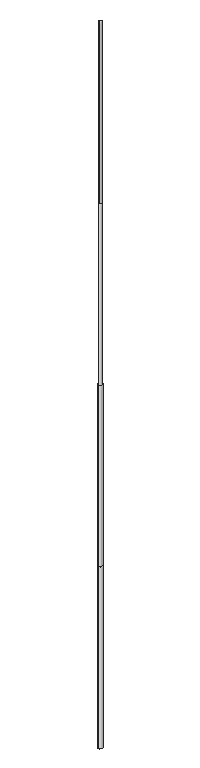
Revit family "FA_МолниеотводСекционныйТяжелаяСерия_EZETEK", category Системы пожарной сигнализации, Revit 2017
Family settings
  Сохранять ориентацию аннотаций = Нет
  Размер круглого соединителя = Использовать радиус
  Тип детали = Нормальный
  На основе рабочей плоскости = Нет
  Всегда вертикально = Да
  При загрузке вырезать с полостями = Нет
  Общий = Да
  Точка расчета площади = Нет
Parameters (values of type "МолниеотводСекционный_СМСП-25/4_92135")
  Угол = 90.00°  # constant formula
  Секция_Высота = ADSK_Размер_Высота / Количество секций  # 6250 mm
  Секция 4 = yes
  Секция 3 = yes
  Секция 2 = yes
  Производитель_Контакты = "ezetek@ezetek.ru"  # constant formula
  Описание = "Молниеотвод стержневой секционный серии СМСП выполнен из алюминиевого сплава и состоит из сборных секций, которые стыкуются между собой. На верхней секции расположен молниеприемник 0,5м. В комплект поставки включены закладные детали для установки молниеотвода на бетонный фундамент.\r\nМолниеотвод возможно установить одним из следующих способов: при помощи бетонного фундамента; при помощи винтовой сваи (до 12 м); на основание под утяжелители (от 6 до 12 м); молниеотвод на фундаменте, фланец (от 13 до 25 м)."
  Количество секций = 4
  Использовать масштаб аннотаций [instance] = 1 = 0  # 0
  Изготовитель = "Ezetek"  # constant formula
  Диаметр_4 секция = 75 mm
  Диаметр_3 секция = 107 mm
  Диаметр_2 секция = 124 mm
  Диаметр_1 секция = 140 mm
  URL = "https://ezetek.ru/"
  ADSK_Этаж [instance] = ""
  ADSK_Размер_Высота = 25000 mm
  ADSK_Примечание [instance] = ""
  ADSK_Позиция [instance] = ""
  ADSK_Обозначение = "92135"
  ADSK_Наименование краткое [instance] = "Молниеотвод"
  ADSK_Наименование = "Молниеотвод секционный СМСП-25/4"
  ADSK_Материал = BIMLIB_Алюминий_EZETEK
  ADSK_Масса_Текст = "222.8"
  ADSK_Масса = 222.8
  ADSK_Марка = "92135"
  ADSK_Количество = 1  # constant formula
  ADSK_Код изделия = "92135"
  ADSK_Завод-изготовитель = "Ezetek"  # constant formula
  ADSK_Единица измерения = "шт."  # constant formula
  ADSK_Группирование [instance] = ""
  ADSK_Версия Revit = "2017"  # constant formula
Types (23, lengths in mm): name | Секция_Высота | Секция 4 | Описание | Количество секций | Диаметр_4 секция | Диаметр_3 секция | Диаметр_2 секция | Диаметр_1 секция | ADSK_Размер_Высота | ADSK_Обозначение | ADSK_Наименование краткое | ADSK_Наименование | ADSK_Масса_Текст | ADSK_Масса | ADSK_Марка | ADSK_Код изделия
  МачтаСекционная_СМСА-16/4_92106 | 4000 | yes | "Мачта секционная для активного молниеприемника серии СМСА выполнена из алюминиевого сплава и состоит из сборных секций, которые стыкуются между собой. Верхняя секция имеет переходник для установки активного молниеприемника. В комплект поставки включены закладные детали для установки мачты на бетонный фундамент. Мачту возможно установить одним из следующих способов: при помощи бетонного фундамента; при помощи винтовой сваи (до 12 м); на основание под утяжелители (от 6 до 12 м); молниеотвод на фундаменте, фланец (от 13 до 22 м)." | 4 | 90 | 115 | 127.5 | 140 | 16000 | "92106" | "Мачта" | "Мачта секционная СМСА-16/4" | "166.4" | 166.4 | "92106" | "92106"
  МачтаСекционная_СМСА-17/4_92107 | 4250 | yes | "Мачта секционная для активного молниеприемника серии СМСА выполнена из алюминиевого сплава и состоит из сборных секций, которые стыкуются между собой. Верхняя секция имеет переходник для установки активного молниеприемника. В комплект поставки включены закладные детали для установки мачты на бетонный фундамент. Мачту возможно установить одним из следующих способов: при помощи бетонного фундамента; при помощи винтовой сваи (до 12 м); на основание под утяжелители (от 6 до 12 м); молниеотвод на фундаменте, фланец (от 13 до 22 м)." | 4 | 90 | 115 | 127.5 | 140 | 17000 | "92107" | "Мачта" | "Мачта секционная СМСА-17/4" | "169.3" | 169.3 | "92107" | "92107"
  МачтаСекционная_СМСА-18/4_92108 | 4500 | yes | "Мачта секционная для активного молниеприемника серии СМСА выполнена из алюминиевого сплава и состоит из сборных секций, которые стыкуются между собой. Верхняя секция имеет переходник для установки активного молниеприемника. В комплект поставки включены закладные детали для установки мачты на бетонный фундамент. Мачту возможно установить одним из следующих способов: при помощи бетонного фундамента; при помощи винтовой сваи (до 12 м); на основание под утяжелители (от 6 до 12 м); молниеотвод на фундаменте, фланец (от 13 до 22 м)." | 4 | 90 | 115 | 127.5 | 140 | 18000 | "92108" | "Мачта" | "Мачта секционная СМСА-18/4" | "175.7" | 175.7 | "92108" | "92108"
  МачтаСекционная_СМСА-19/4_92109 | 4750 | yes | "Мачта секционная для активного молниеприемника серии СМСА выполнена из алюминиевого сплава и состоит из сборных секций, которые стыкуются между собой. Верхняя секция имеет переходник для установки активного молниеприемника. В комплект поставки включены закладные детали для установки мачты на бетонный фундамент. Мачту возможно установить одним из следующих способов: при помощи бетонного фундамента; при помощи винтовой сваи (до 12 м); на основание под утяжелители (от 6 до 12 м); молниеотвод на фундаменте, фланец (от 13 до 22 м)." | 4 | 90 | 115 | 127.5 | 140 | 19000 | "92109" | "Мачта" | "Мачта секционная СМСА-19/4" | "212.8" | 212.8 | "92109" | "92109"
  МачтаСекционная_СМСА-13/3_92103 | 4333.333 | no | "Мачта секционная для активного молниеприемника серии СМСА выполнена из алюминиевого сплава и состоит из сборных секций, которые стыкуются между собой. Верхняя секция имеет переходник для установки активного молниеприемника. В комплект поставки включены закладные детали для установки мачты на бетонный фундамент. Мачту возможно установить одним из следующих способов: при помощи бетонного фундамента; при помощи винтовой сваи (до 12 м); на основание под утяжелители (от 6 до 12 м); молниеотвод на фундаменте, фланец (от 13 до 22 м)." | 3 | 5 | 60 | 88 | 115 | 13000 | "92103" | "Мачта" | "Мачта секционная СМСА-13/3" | "91.5" | 91.5 | "92103" | "92103"
  МачтаСекционная_СМСА-15/3_92105 | 5000 | no | "Мачта секционная для активного молниеприемника серии СМСА выполнена из алюминиевого сплава и состоит из сборных секций, которые стыкуются между собой. Верхняя секция имеет переходник для установки активного молниеприемника. В комплект поставки включены закладные детали для установки мачты на бетонный фундамент. Мачту возможно установить одним из следующих способов: при помощи бетонного фундамента; при помощи винтовой сваи (до 12 м); на основание под утяжелители (от 6 до 12 м); молниеотвод на фундаменте, фланец (от 13 до 22 м)." | 3 | 5 | 90 | 115 | 140 | 15000 | "92105" | "Мачта" | "Мачта секционная СМСА-15/3" | "106.9" | 106.9 | "92105" | "92105"
  МачтаСекционная_СМСА-14/3_92104 | 4666.667 | no | "Мачта секционная для активного молниеприемника серии СМСА выполнена из алюминиевого сплава и состоит из сборных секций, которые стыкуются между собой. Верхняя секция имеет переходник для установки активного молниеприемника. В комплект поставки включены закладные детали для установки мачты на бетонный фундамент. Мачту возможно установить одним из следующих способов: при помощи бетонного фундамента; при помощи винтовой сваи (до 12 м); на основание под утяжелители (от 6 до 12 м); молниеотвод на фундаменте, фланец (от 13 до 22 м)." | 3 | 5 | 60 | 88 | 115 | 14000 | "92104" | "Мачта" | "Мачта секционная СМСА-14/3" | "99.6" | 99.6 | "92104" | "92104"
  МолниеотводСекционный_СМСП-13.5/3_92123 | 4500 | no | "Молниеотвод стержневой секционный серии СМСП выполнен из алюминиевого сплава и состоит из сборных секций, которые стыкуются между собой. На верхней секции расположен молниеприемник 0,5м. В комплект поставки включены закладные детали для установки молниеотвода на бетонный фундамент.\r\nМолниеотвод возможно установить одним из следующих способов: при помощи бетонного фундамента; при помощи винтовой сваи (до 12 м); на основание под утяжелители (от 6 до 12 м); молниеотвод на фундаменте, фланец (от 13 до 25 м)." | 3 | 5 | 60 | 88 | 115 | 13500 | "92123" | "Молниеотвод" | "Молниеотвод секционный СМСП-13.5/3" | "91.5" | 91.5 | "92123" | "92123"
  МачтаСекционная_СМСА-20/4_92110 | 5000 | yes | "Мачта секционная для активного молниеприемника серии СМСА выполнена из алюминиевого сплава и состоит из сборных секций, которые стыкуются между собой. Верхняя секция имеет переходник для установки активного молниеприемника. В комплект поставки включены закладные детали для установки мачты на бетонный фундамент. Мачту возможно установить одним из следующих способов: при помощи бетонного фундамента; при помощи винтовой сваи (до 12 м); на основание под утяжелители (от 6 до 12 м); молниеотвод на фундаменте, фланец (от 13 до 22 м)." | 4 | 75 | 107 | 124 | 140 | 20000 | "92110" | "Мачта" | "Мачта секционная СМСА-20/4" | "215.7" | 215.7 | "92110" | "92110"
  МачтаСекционная_СМСА-21/4_92111 | 5250 | yes | "Мачта секционная для активного молниеприемника серии СМСА выполнена из алюминиевого сплава и состоит из сборных секций, которые стыкуются между собой. Верхняя секция имеет переходник для установки активного молниеприемника. В комплект поставки включены закладные детали для установки мачты на бетонный фундамент. Мачту возможно установить одним из следующих способов: при помощи бетонного фундамента; при помощи винтовой сваи (до 12 м); на основание под утяжелители (от 6 до 12 м); молниеотвод на фундаменте, фланец (от 13 до 22 м)." | 4 | 75 | 107 | 124 | 140 | 21000 | "92111" | "Мачта" | "Мачта секционная СМСА-21/4" | "218.6" | 218.6 | "92111" | "92111"
  МачтаСекционная_СМСА-22/4_92112 | 5500 | yes | "Мачта секционная для активного молниеприемника серии СМСА выполнена из алюминиевого сплава и состоит из сборных секций, которые стыкуются между собой. Верхняя секция имеет переходник для установки активного молниеприемника. В комплект поставки включены закладные детали для установки мачты на бетонный фундамент. Мачту возможно установить одним из следующих способов: при помощи бетонного фундамента; при помощи винтовой сваи (до 12 м); на основание под утяжелители (от 6 до 12 м); молниеотвод на фундаменте, фланец (от 13 до 22 м)." | 4 | 75 | 107 | 124 | 140 | 22000 | "92112" | "Мачта" | "Мачта секционная СМСА-22/4" | "221.2" | 221.2 | "92112" | "92112"
  МолниеотводСекционный_СМСП-14.5/3_92124 | 4833.333 | no | "Молниеотвод стержневой секционный серии СМСП выполнен из алюминиевого сплава и состоит из сборных секций, которые стыкуются между собой. На верхней секции расположен молниеприемник 0,5м. В комплект поставки включены закладные детали для установки молниеотвода на бетонный фундамент.\r\nМолниеотвод возможно установить одним из следующих способов: при помощи бетонного фундамента; при помощи винтовой сваи (до 12 м); на основание под утяжелители (от 6 до 12 м); молниеотвод на фундаменте, фланец (от 13 до 25 м)." | 3 | 5 | 60 | 88 | 115 | 14500 | "92124" | "Молниеотвод" | "Молниеотвод секционный СМСП-14.5/3" | "99.6" | 99.6 | "92124" | "92124"
  МолниеотводСекционный_СМСП-15.5/3_92125 | 5166.667 | no | "Молниеотвод стержневой секционный серии СМСП выполнен из алюминиевого сплава и состоит из сборных секций, которые стыкуются между собой. На верхней секции расположен молниеприемник 0,5м. В комплект поставки включены закладные детали для установки молниеотвода на бетонный фундамент.\r\nМолниеотвод возможно установить одним из следующих способов: при помощи бетонного фундамента; при помощи винтовой сваи (до 12 м); на основание под утяжелители (от 6 до 12 м); молниеотвод на фундаменте, фланец (от 13 до 25 м)." | 3 | 5 | 90 | 115 | 140 | 15500 | "92125" | "Молниеотвод" | "Молниеотвод секционный СМСП-15.5/3" | "106.9" | 106.9 | "92125" | "92125"
  МолниеотводСекционный_СМСП-16.5/4_92126 | 4125 | yes | "Молниеотвод стержневой секционный серии СМСП выполнен из алюминиевого сплава и состоит из сборных секций, которые стыкуются между собой. На верхней секции расположен молниеприемник 0,5м. В комплект поставки включены закладные детали для установки молниеотвода на бетонный фундамент.\r\nМолниеотвод возможно установить одним из следующих способов: при помощи бетонного фундамента; при помощи винтовой сваи (до 12 м); на основание под утяжелители (от 6 до 12 м); молниеотвод на фундаменте, фланец (от 13 до 25 м)." | 4 | 90 | 115 | 127.5 | 140 | 16500 | "92126" | "Молниеотвод" | "Молниеотвод секционный СМСП-16.5/4" | "166.4" | 166.4 | "92126" | "92126"
  МолниеотводСекционный_СМСП-17.5/4_92127 | 4375 | yes | "Молниеотвод стержневой секционный серии СМСП выполнен из алюминиевого сплава и состоит из сборных секций, которые стыкуются между собой. На верхней секции расположен молниеприемник 0,5м. В комплект поставки включены закладные детали для установки молниеотвода на бетонный фундамент.\r\nМолниеотвод возможно установить одним из следующих способов: при помощи бетонного фундамента; при помощи винтовой сваи (до 12 м); на основание под утяжелители (от 6 до 12 м); молниеотвод на фундаменте, фланец (от 13 до 25 м)." | 4 | 90 | 115 | 127.5 | 140 | 17500 | "92127" | "Молниеотвод" | "Молниеотвод секционный СМСП-17.5/4" | "169.3" | 169.3 | "92127" | "92127"
  МолниеотводСекционный_СМСП-18.5/4_92128 | 4625 | yes | "Молниеотвод стержневой секционный серии СМСП выполнен из алюминиевого сплава и состоит из сборных секций, которые стыкуются между собой. На верхней секции расположен молниеприемник 0,5м. В комплект поставки включены закладные детали для установки молниеотвода на бетонный фундамент.\r\nМолниеотвод возможно установить одним из следующих способов: при помощи бетонного фундамента; при помощи винтовой сваи (до 12 м); на основание под утяжелители (от 6 до 12 м); молниеотвод на фундаменте, фланец (от 13 до 25 м)." | 4 | 90 | 115 | 127.5 | 140 | 18500 | "92128" | "Молниеотвод" | "Молниеотвод секционный СМСП-18.5/4" | "175.7" | 175.7 | "92128" | "92128"
  МолниеотводСекционный_СМСП-19.5/4_92129 | 4875 | yes | "Молниеотвод стержневой секционный серии СМСП выполнен из алюминиевого сплава и состоит из сборных секций, которые стыкуются между собой. На верхней секции расположен молниеприемник 0,5м. В комплект поставки включены закладные детали для установки молниеотвода на бетонный фундамент.\r\nМолниеотвод возможно установить одним из следующих способов: при помощи бетонного фундамента; при помощи винтовой сваи (до 12 м); на основание под утяжелители (от 6 до 12 м); молниеотвод на фундаменте, фланец (от 13 до 25 м)." | 4 | 90 | 115 | 127.5 | 140 | 19500 | "92129" | "Молниеотвод" | "Молниеотвод секционный СМСП-19.5/4" | "212.8" | 212.8 | "92129" | "92129"
  МолниеотводСекционный_СМСП-20.5/4_92130 | 5125 | yes | "Молниеотвод стержневой секционный серии СМСП выполнен из алюминиевого сплава и состоит из сборных секций, которые стыкуются между собой. На верхней секции расположен молниеприемник 0,5м. В комплект поставки включены закладные детали для установки молниеотвода на бетонный фундамент.\r\nМолниеотвод возможно установить одним из следующих способов: при помощи бетонного фундамента; при помощи винтовой сваи (до 12 м); на основание под утяжелители (от 6 до 12 м); молниеотвод на фундаменте, фланец (от 13 до 25 м)." | 4 | 75 | 107 | 124 | 140 | 20500 | "92130" | "Молниеотвод" | "Молниеотвод секционный СМСП-20.5/4" | "215.7" | 215.7 | "92130" | "92130"
  МолниеотводСекционный_СМСП-21.5/4_92131 | 5375 | yes | "Молниеотвод стержневой секционный серии СМСП выполнен из алюминиевого сплава и состоит из сборных секций, которые стыкуются между собой. На верхней секции расположен молниеприемник 0,5м. В комплект поставки включены закладные детали для установки молниеотвода на бетонный фундамент.\r\nМолниеотвод возможно установить одним из следующих способов: при помощи бетонного фундамента; при помощи винтовой сваи (до 12 м); на основание под утяжелители (от 6 до 12 м); молниеотвод на фундаменте, фланец (от 13 до 25 м)." | 4 | 75 | 107 | 124 | 140 | 21500 | "92131" | "Молниеотвод" | "Молниеотвод секционный СМСП-21.5/4" | "218.6" | 218.6 | "92131" | "92131"
  МолниеотводСекционный_СМСП-22.5/4_92132 | 5625 | yes | "Молниеотвод стержневой секционный серии СМСП выполнен из алюминиевого сплава и состоит из сборных секций, которые стыкуются между собой. На верхней секции расположен молниеприемник 0,5м. В комплект поставки включены закладные детали для установки молниеотвода на бетонный фундамент.\r\nМолниеотвод возможно установить одним из следующих способов: при помощи бетонного фундамента; при помощи винтовой сваи (до 12 м); на основание под утяжелители (от 6 до 12 м); молниеотвод на фундаменте, фланец (от 13 до 25 м)." | 4 | 75 | 107 | 124 | 140 | 22500 | "92132" | "Молниеотвод" | "Молниеотвод секционный СМСП-22.5/4" | "221.2" | 221.2 | "92132" | "92132"
  МолниеотводСекционный_СМСП-23/4_92133 | 5750 | yes | "Молниеотвод стержневой секционный серии СМСП выполнен из алюминиевого сплава и состоит из сборных секций, которые стыкуются между собой. На верхней секции расположен молниеприемник 0,5м. В комплект поставки включены закладные детали для установки молниеотвода на бетонный фундамент.\r\nМолниеотвод возможно установить одним из следующих способов: при помощи бетонного фундамента; при помощи винтовой сваи (до 12 м); на основание под утяжелители (от 6 до 12 м); молниеотвод на фундаменте, фланец (от 13 до 25 м)." | 4 | 75 | 107 | 124 | 140 | 23000 | "92133" | "Молниеотвод" | "Молниеотвод секционный СМСП-23/4" | "221.7" | 221.7 | "92133" | "92133"
  МолниеотводСекционный_СМСП-24/4_92134 | 6000 | yes | "Молниеотвод стержневой секционный серии СМСП выполнен из алюминиевого сплава и состоит из сборных секций, которые стыкуются между собой. На верхней секции расположен молниеприемник 0,5м. В комплект поставки включены закладные детали для установки молниеотвода на бетонный фундамент.\r\nМолниеотвод возможно установить одним из следующих способов: при помощи бетонного фундамента; при помощи винтовой сваи (до 12 м); на основание под утяжелители (от 6 до 12 м); молниеотвод на фундаменте, фланец (от 13 до 25 м)." | 4 | 75 | 107 | 124 | 140 | 24000 | "92134" | "Молниеотвод" | "Молниеотвод секционный СМСП-24/4" | "222.2" | 222.2 | "92134" | "92134"
  МолниеотводСекционный_СМСП-25/4_92135 | 6250 | yes | "Молниеотвод стержневой секционный серии СМСП выполнен из алюминиевого сплава и состоит из сборных секций, которые стыкуются между собой. На верхней секции расположен молниеприемник 0,5м. В комплект поставки включены закладные детали для установки молниеотвода на бетонный фундамент.\r\nМолниеотвод возможно установить одним из следующих способов: при помощи бетонного фундамента; при помощи винтовой сваи (до 12 м); на основание под утяжелители (от 6 до 12 м); молниеотвод на фундаменте, фланец (от 13 до 25 м)." | 4 | 75 | 107 | 124 | 140 | 25000 | "92135" | "Молниеотвод" | "Молниеотвод секционный СМСП-25/4" | "222.8" | 222.8 | "92135" | "92135"
Reference planes
  plane 1 "По центру (Вперед/Назад)": y = 0
  plane 2: z = 0
  plane 3 "По центру (Влево/Вправо)": x = 0
  plane 4: z = 6250
  plane 5: z = 12500
  plane 6: z = 18750
  plane 7: z = 25000
Forms (mm)
  Extrusion 1, solid, material "BIMLIB_Алюминий_EZETEK" <- "ADSK_Материал", detail levels fine
    sketch origin (0, 92.681, -35) x (0, 1, 0) y (-1, 0, 0)
      loop
        circle (-92.681, 0) r 70
    from 6285 to 35
  Extrusion 2, solid, material "BIMLIB_Алюминий_EZETEK" <- "ADSK_Материал", visible <- "Секция 2", detail levels fine
    sketch origin (0, 92.681, -35) x (0, 1, 0) y (-1, 0, 0)
      loop
        circle (-92.681, 0) r 62
    from 12535 to 6285
  Extrusion 3, solid, material "BIMLIB_Алюминий_EZETEK" <- "ADSK_Материал", visible <- "Секция 3", detail levels fine
    sketch origin (0, 92.681, -35) x (0, 1, 0) y (-1, 0, 0)
      loop
        circle (-92.681, 0) r 53.5
    from 18785 to 12535
  Extrusion 4, solid, material "BIMLIB_Алюминий_EZETEK" <- "ADSK_Материал", visible <- "Секция 4", detail levels fine
    sketch origin (0, 92.681, -35) x (0, 1, 0) y (-1, 0, 0)
      loop
        circle (-92.681, 0) r 37.5
    from 25035 to 18785
Lines and regions (mm)
  reference lines
    curve 1: circle (0, 0, 0) r 70 normal (0, 0, 1)
    curve 2: circle (0, 0, 0) r 37.5 normal (0, 0, 1)
    curve 3: circle (0, 0, 0) r 62 normal (0, 0, 1)
    curve 4: circle (0, 0, 0) r 53.5 normal (0, 0, 1)
Dimensions and locks
  "Секция_Высота": plane 4 to plane 2
  "Секция_Высота": plane 5 to plane 4
  "Секция_Высота": plane 6 to plane 5
  "Секция_Высота": plane 7 to plane 6
  plane 6 to plane 2 = 18750 mm
  plane 7 to plane 2 = 25000 mm
  plane 5 to plane 2 = 12500 mm
  "Диаметр_4 секция": diameter of curve 2
  "Диаметр_3 секция": diameter of curve 4
  "Диаметр_2 секция": diameter of curve 3
  "Диаметр_1 секция": diameter of curve 1
  aligned and locked: level to plane 2
  aligned and locked: plane 3 "По центру (Влево/Вправо)" to curve 1
  aligned and locked: plane 1 "По центру (Вперед/Назад)" to curve 1
  aligned and locked: plane 3 "По центру (Влево/Вправо)" to curve 3
  aligned and locked: plane 1 "По центру (Вперед/Назад)" to curve 3
  aligned and locked: plane 3 "По центру (Влево/Вправо)" to curve 4
  aligned and locked: plane 1 "По центру (Вперед/Назад)" to curve 4
  aligned and locked: plane 3 "По центру (Влево/Вправо)" to curve 2
  aligned and locked: plane 1 "По центру (Вперед/Назад)" to curve 2
  aligned and locked: Extrusion 1 sketch curve to curve 1
  aligned and locked: Extrusion 1 to plane 4
  aligned and locked: Extrusion 1 to plane 2
  aligned and locked: Extrusion 2 sketch curve to curve 3
  aligned and locked: Extrusion 2 to plane 5
  aligned and locked: plane 4 to Extrusion 2
  aligned and locked: Extrusion 3 sketch curve to curve 4
  aligned and locked: Extrusion 3 to plane 6
  aligned and locked: plane 5 to Extrusion 3
  aligned and locked: plane 6 to Extrusion 4
  aligned and locked: Extrusion 4 to plane 7
  aligned and locked: Extrusion 4 sketch curve to curve 2
